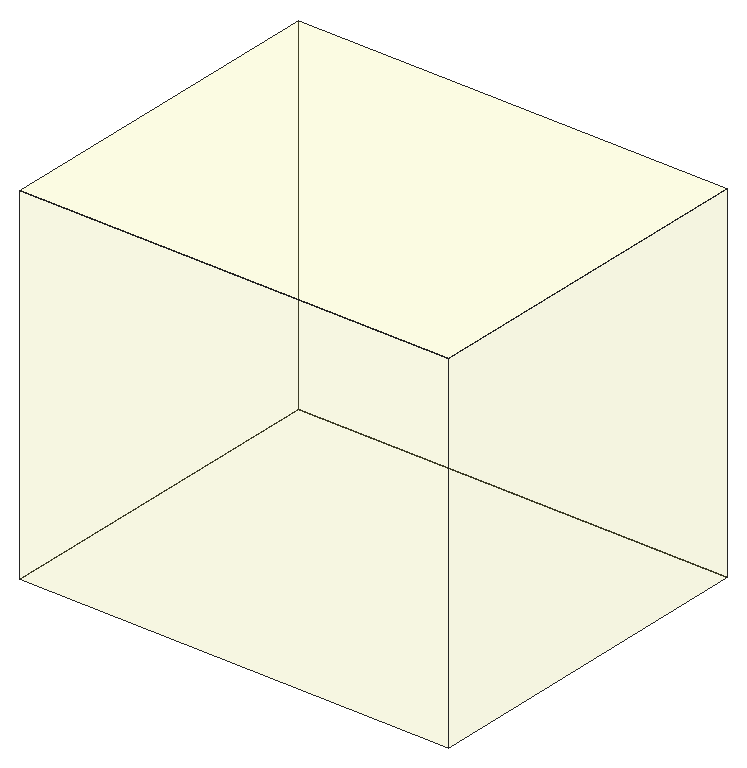
Revit family "AHU_Sample_2", category Оборудование, Revit 2023
Family settings
  Размер круглого соединителя = Использовать диаметр
  Классификация = Нет
  Тип детали = Нормальный
  На основе рабочей плоскости = Нет
  Всегда вертикально = Да
  При загрузке вырезать с полостями = Нет
  Сохранять ориентацию аннотаций = Нет
  Общий = Нет
  Точка принадлежности помещению = Нет
Parameters
  Ширина коннектор 4 [instance] = 200 mm
  Ширина коннектор 3 [instance] = 200 mm
  Ширина коннектор 1 [instance] = 200 mm
  Сторона обслуживания правая [instance] = not(Сторона обслуживания левая)  # yes
  Сторона обслуживания левая [instance] = no
  Отметка по умолчанию = 0 mm
  Ширина коннектор 2 [instance] = 200 mm
  Высота коннектор 2 [instance] = 200 mm
  Высота коннектор 4 [instance] = 200 mm
  Высота коннектор 1 [instance] = 200 mm
  Высота коннектор 3 [instance] = 200 mm
  Блоки отдельно в спецификации [instance] = yes
  AHU_Width [instance] = 1000 mm
  AHU_TotalLength [instance] = 1230 mm
  AHU_Height [instance] = 1000 mm
  ADSK_Размер_Ширина [instance] = AHU_Width  # 1000 mm
  ADSK_Размер_Длина [instance] = AHU_TotalLength  # 1230 mm
  ADSK_Размер_Высота [instance] = AHU_Height  # 1000 mm
  ADSK_Наименование = "Вентустановка"
  ADSK_Марка = ""
  ADSK_Количество = 1  # constant formula
  ADSK_Код изделия = ""
  ADSK_Завод-изготовитель = ""
  ADSK_Единица измерения = "шт."
Reference planes
  plane 1 "По центру (Вперед/Назад)": y = 0
  plane 2 "Этаж 1": z = 0
  plane 3 "По центру (Влево/Вправо)": x = 0
  plane 4 "Этаж 2": z = 1000
  plane 5: z = 500
  plane 6: x = 1230
  plane 7: y = 500
  plane 8: y = -500
  plane 9: y = 1500
  plane 10: y = -1500
  plane 11 "Этаж 3": z = 1500
Forms (mm)
  Extrusion 1, solid, material "Зона обслуживания", visible <- "Сторона обслуживания левая"
    sketch origin (0, 0, 0) x (1, 0, 0) y (0, 1, 0)
      loop
        line (0, 500) -> (1230, 500) -> (1230, 1500) -> (0, 1500) -> (0, 500)
    from 0 to 1000
  Extrusion 2, solid, material "Зона обслуживания", visible <- "Сторона обслуживания правая"
    sketch origin (0, -2000, 0) x (1, 0, 0) y (0, 1, 0)
      loop
        line (0, 500) -> (1230, 500) -> (1230, 1500) -> (0, 1500) -> (0, 500)
    from 0 to 1000
Lines and regions (mm)
  reference lines
    curve 1: line (0, 0, 500) -> (1230, 0, 500)
    curve 2: line (0, 0, 1500) -> (1230, 0, 1500)
Dimensions and locks
  equal spacing: plane 4 "Этаж 2", plane 5, level
  "ADSK_Размер_Высота": plane 4 "Этаж 2" to level
  "ADSK_Размер_Длина": plane 3 "По центру (Влево/Вправо)" to plane 6
  equal spacing: plane 7, plane 1 "По центру (Вперед/Назад)", plane 8
  "ADSK_Размер_Ширина": plane 7 to plane 8
  "ADSK_Размер_Ширина": plane 9 to plane 7
  "ADSK_Размер_Ширина": plane 8 to plane 10
  plane 11 "Этаж 3" to level = 1500 mm
  aligned and locked: level to plane 2 "Этаж 1"
  aligned and locked: plane 3 "По центру (Влево/Вправо)" to curve 1
  aligned and locked: plane 6 to curve 1
  aligned and locked: plane 9 to Extrusion 1
  aligned and locked: plane 6 to Extrusion 1
  aligned and locked: Extrusion 1 to plane 3 "По центру (Влево/Вправо)"
  aligned and locked: plane 8 to Extrusion 2
  aligned and locked: Extrusion 2 to plane 6
  aligned and locked: Extrusion 2 to plane 3 "По центру (Влево/Вправо)"
  aligned and locked: Extrusion 2 to plane 10
  aligned and locked: plane 4 "Этаж 2" to Extrusion 2
  aligned and locked: plane 4 "Этаж 2" to Extrusion 1
Automatic sketch dimensions
  plane 1 "По центру (Вперед/Назад)" to curve 1 = 0 mm
  Extrusion 1 sketch curve to plane 3 "По центру (Влево/Вправо)" = 0 mm
  Extrusion 1 sketch curve to plane 6 = 0 mm
  Extrusion 1 sketch curve to plane 7 = 0 mm
  Extrusion 1 sketch curve to plane 9 = 0 mm
  Extrusion 2 sketch curve to plane 3 "По центру (Влево/Вправо)" = 0 mm
  Extrusion 2 sketch curve to plane 6 = 0 mm
  Extrusion 2 sketch curve to plane 10 = 0 mm
  Extrusion 2 sketch curve to plane 8 = 0 mm
  plane 1 "По центру (Вперед/Назад)" to curve 2 = 0 mm
  curve 2 to plane 6 = 0 mm
  curve 2 to plane 3 "По центру (Влево/Вправо)" = 0 mm
Connectors
  hvac at (0, 0, 500), driven by "Высота коннектор 1", driven by "Ширина коннектор 1"
    settings: on curve 1, index 1, duct flow 0.0 L/s, flow factor 0, pres drop 0.0 Pa, loss coef 0, conn angle 0.00°, conn width 200 mm, conn height 200 mm, conn diameter 609.6 mm, duct sys type 29, conn prof type 1, flow config 0, flow direction 0, loss method 0, conn ref index 2, conn util no, is conn primary yes, conn desc ""
  hvac at (1230, 0, 500), driven by "Высота коннектор 2", driven by "Ширина коннектор 2"
    settings: on curve 1, index 2, duct flow 0.0 L/s, flow factor 0, pres drop 0.0 Pa, loss coef 0, conn angle 0.00°, conn width 200 mm, conn height 200 mm, conn diameter 609.6 mm, duct sys type 29, conn prof type 1, flow config 0, flow direction 0, loss method 0, conn ref index 1, conn util no, is conn primary no, conn desc ""
  hvac at (1230, 0, 1500), driven by "Высота коннектор 4", driven by "Ширина коннектор 4"
    settings: on curve 2, index 3, duct flow 0.0 L/s, flow factor 0, pres drop 0.0 Pa, loss coef 0, conn angle 0.00°, conn width 200 mm, conn height 200 mm, conn diameter 609.6 mm, duct sys type 1, conn prof type 1, flow config 0, flow direction 0, loss method 0, conn ref index -1, conn util no, is conn primary no, conn desc ""
  hvac at (0, 0, 1500), driven by "Высота коннектор 3", driven by "Ширина коннектор 3"
    settings: on curve 2, index 4, duct flow 0.0 L/s, flow factor 0, pres drop 0.0 Pa, loss coef 0, conn angle 0.00°, conn width 200 mm, conn height 200 mm, conn diameter 609.6 mm, duct sys type 1, conn prof type 1, flow config 0, flow direction 0, loss method 0, conn ref index -1, conn util no, is conn primary no, conn desc ""
